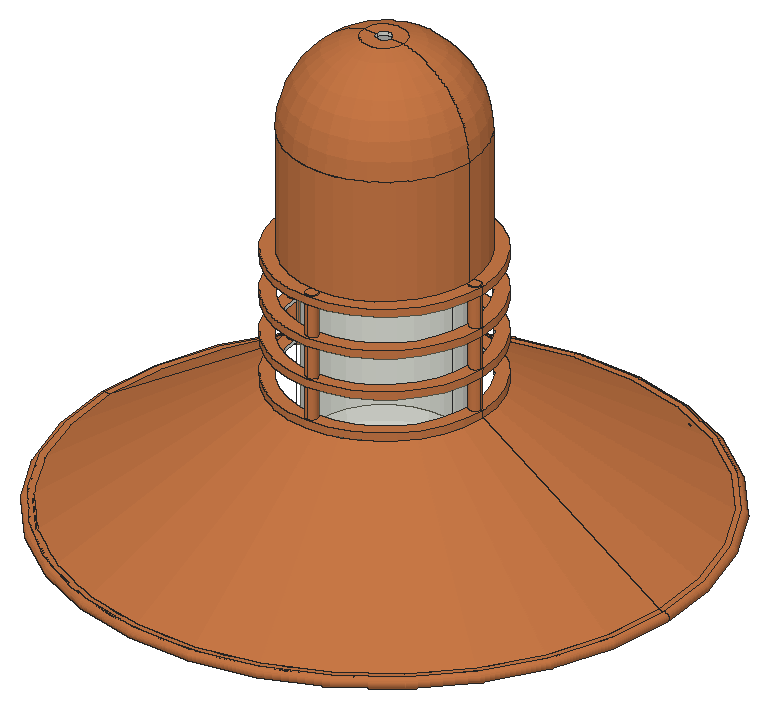
Revit family "DCS20 SHADE", category Lighting Fixtures, Revit 2024
Family settings
  Round Connector Dimension = Use Diameter
  Part Type = Normal
  OmniClass Number = 23.80.70.00
  OmniClass Title = Lighting
  Work Plane-Based = No
  Always vertical = Yes
  Cut with Voids When Loaded = No
  Light Source = Yes
  Maintain Annotation Orientation = No
  Shared = No
  Room Calculation Point = No
Parameters
  Wattage = 12.1178 W
  built-in parameter 1150110 = 1 (stored number, unit not read)
  built-in parameter 1114217 = 1 (stored number, unit not read)
  built-in parameter 1150109 = 1 (stored number, unit not read)
  built-in parameter 1150134 = (empty or 0)
  built-in parameter 1150113 = 1 (stored number, unit not read)
  Lumens = 1800 lm
  built-in parameter 1150115 = 1 (stored number, unit not read)
  built-in parameter 1150105 = 572.96 (stored number, unit not read)
  Light Source Symbol Size = 2' - 0"
  built-in parameter 1150137 = (empty or 0)
  built-in parameter 1150139 = (empty or 0)
  built-in parameter 1150112 = 1 (stored number, unit not read)
  built-in parameter 1150114 = 1 (stored number, unit not read)
  built-in parameter 1150132 = 2
  built-in parameter 1150102 = (empty or 0)
  built-in parameter 1150138 = (empty or 0)
  built-in parameter 1150107 = 3000 (stored number, unit not read)
  built-in parameter 1150106 = 5.7296 (stored number, unit not read)
  built-in parameter 1150104 = 13.8 (stored number, unit not read)
  Dimming Lamp Color Temperature Shift = (empty or 0)
  Default Elevation = 0' - 0"
  Color Filter = 16777215
  built-in parameter 1114218 = 1 (stored number, unit not read)
  built-in parameter 1150133 = 10 (stored number, unit not read)
Reference planes (in)
  plane 1 "Light Source Axis (F/B)": y = 0
  plane 2: z = 0
  plane 3 "Light Source Axis (L/R)": x = 0
  plane 4 "Light Source Elevation": z = 84
Forms (in)
  Revolve 1, solid
    sketch origin (0, 0, 0) x (1, 0, 0) y (0, 0, 1)
      loop
        line (-0.25, 99) -> (-0.6925, 99)
        arc (-0.6925, 99) -> (-2.35345, 97.94146) -> (-3, 96.08102) r 3
        line (-3, 96.08102) -> (-3, 92.33102) -> (-3.45, 92.33102) -> (-3.45, 92.08102) -> (-3.35625, 92.08102) -> (-3.35625, 92.23727) -> (-2.90625, 92.23727) -> (-2.90625, 96.08102)
        arc (-2.90625, 96.08102) -> (-2.28328, 97.87905) -> (-0.68144, 98.90625) r 2.90625
        line (-0.68144, 98.90625) -> (-0.25, 98.90625) -> (-0.25, 99)
      loop
        line (-3, 91.03102) -> (-3.45, 91.03102) -> (-3.45, 90.78102) -> (-3.35625, 90.78102) -> (-3.35625, 90.93727) -> (-3, 90.93727) -> (-3, 91.03102)
      loop
        line (-3.02329, 89.73102) -> (-3.45, 89.73102) -> (-3.45, 89.48102) -> (-3.35625, 89.48102) -> (-3.35625, 89.63727) -> (-3.02329, 89.63727) -> (-3.02329, 89.73102)
      loop
        line (-3.02329, 88.43102) -> (-3.45, 88.43102) -> (-3.45, 88.18102) -> (-9.63496, 84.34159) -> (-9.82921, 84.34159)
        arc (-9.82921, 84.34159) -> (-9.93386, 84.03582) -> (-9.6638, 84.21334) r 0.17079
        line (-9.6638, 84.21334) -> (-3.35625, 88.12887) -> (-3.35625, 88.33727) -> (-3.02329, 88.33727) -> (-3.02329, 88.43102)
      loop
        line (0, 84.08709) -> (0, 84.18084)
        arc (0, 84.18084) -> (-1.5071, 84.7279) -> (-2.31236, 86.11434) r 2.34948
        line (-2.31236, 86.11434) -> (-2.31236, 92.33102) -> (-2.40611, 92.33102) -> (-2.40611, 86.10606)
        arc (-2.40611, 86.10606) -> (-1.57048, 84.65869) -> (0, 84.08709) r 2.44323
      axis (0, 99) -> (0, 84.08709)
    angle from 0 to 360
  Sweep 2, solid
    path origin (0, 0, 0) x (1, 0, 0) y (0, 0, 1)
      loop
        line (-3.18759, 88.43102) -> (-3.18759, 92.33102)
    profile origin (-3.18759, 0, 90.38102) x (-1, 0, 0) y (0, -1, 0)
      loop
        circle (0, 0) r 0.1875
  Sweep 3, solid
    path origin (0, 0, 0) x (0, -1, 0) y (0, 0, 1)
      loop
        line (-3.18759, 88.43102) -> (-3.18759, 92.33102)
    profile origin (0, 3.18759, 90.38102) x (0, 1, 0) y (-1, 0, 0)
      loop
        circle (0, 0) r 0.1875
  Sweep 4, solid
    path origin (0, 0, 0) x (0, 1, 0) y (0, 0, 1)
      loop
        line (-3.18759, 88.43102) -> (-3.18759, 92.33102)
    profile origin (0, -3.18759, 90.38102) x (0, -1, 0) y (1, 0, 0)
      loop
        circle (0, 0) r 0.1875
  Sweep 5, solid
    path origin (0, 0, 0) x (-1, 0, 0) y (0, 0, 1)
      loop
        line (-3.18759, 88.43102) -> (-3.18759, 92.33102)
    profile origin (3.18759, 0, 90.38102) x (1, 0, 0) y (0, 1, 0)
      loop
        circle (0, 0) r 0.1875
Dimensions and locks (in)
  aligned and locked: plane 3 "Light Source Axis (L/R)" to imposter light
  aligned and locked: plane 1 "Light Source Axis (F/B)" to imposter light
  aligned and locked: plane 4 "Light Source Elevation" to imposter light
  aligned and locked: level to plane 2
